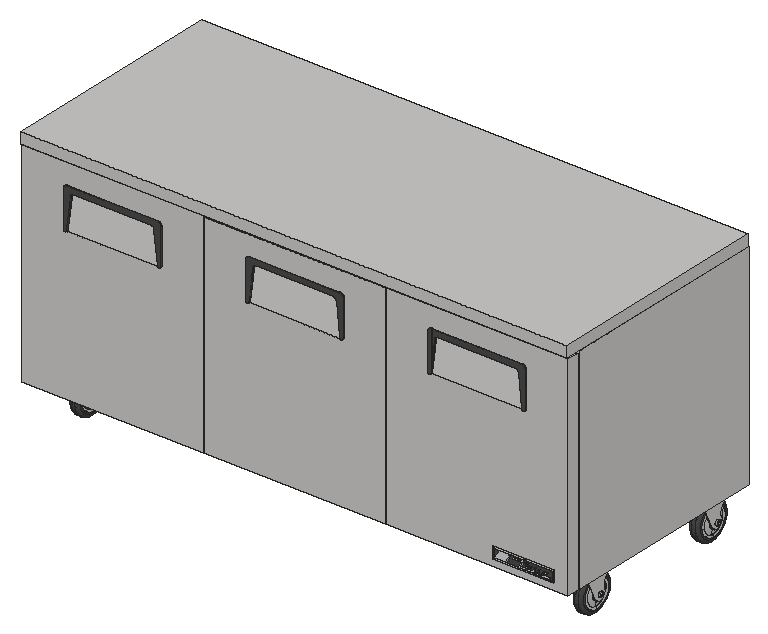
Revit family "QF_TRUE_TUC-72-HC", category Specialty Equipment, Revit 2016
Family settings
  Part Type = Normal
  Round Connector Dimension = Use Diameter
  Work Plane-Based = No
  Always vertical = Yes
  Cut with Voids When Loaded = No
  Shared = Yes
  Room Calculation Point = No
Parameters
  Weight in Pounds = 380
  Watts = FL Amps * Volts  # 460 W
  Volts = 115 V
  URL Manufacturer = "www.truemfg.com"
  URL = "www.truemfg.com"
  Type Mark [instance] = ""
  Status [instance] = ""
  Show Seismic Flanged [instance] = no
  Show Legs [instance] = no
  Seismic Flanged [instance] = and(not(Show Default Model), Show Seismic Flanged)  # no
  Length = 72 5/16"
  Legs [instance] = and(not(Show Default Model), or(Show Legs, Show Seismic Flanged))  # no
  Height = 35 15/16"
  Depth = 30 1/16"
  ADA Compliant Model [instance] = and(not(Show Default Model), Show ADA Compliant Model)  # no
  Specification by User [instance] = ""
  Specification by Manufacturer = ""
  Show Low Profile Model [instance] = no
  Show Logo [instance] = yes
  Show Clearance [instance] = yes
  Show ADA Compliant Model [instance] = no
  Show Default Model [instance] = and(not(Show Seismic Flanged), not(Show ADA Compliant Model), not(Show Low Profile Model), not(Show Legs))  # yes
  Serial Number = ""
  Seismic Rating = ""
  SMACNA No = ""
  Revision Code [instance] = ""
  Phase = 1
  Omniclass Number and Title = ""
  Number of Poles [instance] = 1
  NAFEM Spec ID Number = ""
  Model = "TUC-72-HC"
  Min Ckt Ampacity = 0 A
  Max Overcurrent Protection = 0 A
  MasterSpec. = ""
  Manufacturer = "TRUE"
  Low Profile [instance] = and(not(Show Default Model), Show Low Profile Model)  # no
  Item Number [instance] = ""
  Installed By [instance] = ""
  Identify Quantity as Lot [instance] = yes
  HP = "1/4"
  Furnished By [instance] = ""
  Foodservice Equipment Identifier [instance] = yes
  FL Amps = 4 A
  Electrical Remarks [instance] = ""
  Electric Connection Type [instance] = ""
  Elec Conn RI Height [instance] = 0"
  Elec Conn Connection Height [instance] = 0"
  Description = "SOLID DOOR REFRIGERATOR WITH HYDROCARBON REFRIGERANT"
  Cycle = 60 Hz
  Conn Plug = "NEMA 5-15P"
  Conn Conduit = yes
  CSI MasterFormat = ""
  CSI Master Format = ""
  Base Height [instance] = if(Show Default Model, 6 3/16", if(Legs, 6", if(ADA Compliant Model, 4 1/4", if(Show Low Profile Model, 2 1/8", 6 1/4"))))  # 6 3/16"
  Apparent Power = if(Phase = 3, Volts * FL Amps * 1.73, Volts * FL Amps)  # 460 VA
Reference planes (in)
  plane 1 "BACK": y = -16.5
  plane 2: z = 0
  plane 3 "LEFT": x = 0
  plane 4 "RIGHT": x = 72.3125
  plane 5 "FRONT": y = -47.5625
  plane 6 "TOP": z = 35.9375
  plane 7: z = 6.1875
  plane 8: y = -75.34375
  plane 9: y = -46.0625
  plane 10: y = -17.5
  plane 11: y = -21.74082
  plane 12: x = 36.15625
  plane 13: x = 2.84375
Dimensions and locks (in)
  "Length": plane 3 "LEFT" to plane 4 "RIGHT"
  plane 4 "RIGHT" to plane 3 "LEFT" = 72 5/16"
  plane 5 "FRONT" to plane 1 "BACK" = 31 1/16"  (x2)
  plane 1 "BACK" to plane 8 = 58 27/32"
  locked: plane 9 to plane 5 "FRONT" at 1.5
  "Depth": plane 10 to plane 5 "FRONT"
  "Base Height": plane 7 to level
  locked: plane 6 "TOP" to plane 7 at 29.75
  plane 6 "TOP" to level = 35 15/16"
  equal spacing: plane 3 "LEFT", plane 12, plane 4 "RIGHT"
  aligned and locked: level to plane 2
  aligned and locked: plane 3 "LEFT" to nested 1  (x2)
  aligned and locked: nested 1 to plane 7  (x2)
Nested families (in)
  nested 1: "TUC-72-HC" at (0, -0.9375, 2.1875), Show Logo <- "Show Logo", Show Clearance <- "Show Clearance", type "TUC-72-HC"
    with Show Logo yes, Show Clearance yes
  nested 2: "CASTERS" at (2.84375, -21.74082, 0), Show 6" Casters <- "Show Default Model", type "CASTERS"
    with Type Mark "", Status "", Specification by User "", Show 6" Casters yes, Revision Code "", Item Number "", Installed By "", Identify Quantity as Lot yes, Furnished By "", Foodservice Equipment Identifier yes
  nested 3: "CASTERS" at (2.84375, -41.06531, 0), Show 6" Casters <- "Show Default Model", type "CASTERS"
    with Type Mark "", Status "", Specification by User "", Show 6" Casters yes, Revision Code "", Item Number "", Installed By "", Identify Quantity as Lot yes, Furnished By "", Foodservice Equipment Identifier yes
  nested 4: "CASTERS" at (69.46875, -21.74082, 0), Show 6" Casters <- "Show Default Model", type "CASTERS"
    with Type Mark "", Status "", Specification by User "", Show 6" Casters yes, Revision Code "", Item Number "", Installed By "", Identify Quantity as Lot yes, Furnished By "", Foodservice Equipment Identifier yes
  nested 5: "CASTERS" at (69.46875, -41.06531, 0), Show 6" Casters <- "Show Default Model", type "CASTERS"
    with Type Mark "", Status "", Specification by User "", Show 6" Casters yes, Revision Code "", Item Number "", Installed By "", Identify Quantity as Lot yes, Furnished By "", Foodservice Equipment Identifier yes
  nested 6: "LOW PROFILE CASTERS" at (2.84375, -21.74082, 0), Show Casters <- "Low Profile", type "LOW PROFILE CASTERS"
    with Type Mark "", Status "", Specification by User "", Show Casters no, Revision Code "", Item Number "", Installed By "", Identify Quantity as Lot yes, Furnished By "", Foodservice Equipment Identifier yes
  nested 7: "LOW PROFILE CASTERS" at (69.46875, -21.74082, 0), Show Casters <- "Low Profile", type "LOW PROFILE CASTERS"
    with Type Mark "", Status "", Specification by User "", Show Casters no, Revision Code "", Item Number "", Installed By "", Identify Quantity as Lot yes, Furnished By "", Foodservice Equipment Identifier yes
  nested 8: "LOW PROFILE CASTERS" at (69.46875, -41.06531, 0), Show Casters <- "Low Profile", type "LOW PROFILE CASTERS"
    with Type Mark "", Status "", Specification by User "", Show Casters no, Revision Code "", Item Number "", Installed By "", Identify Quantity as Lot yes, Furnished By "", Foodservice Equipment Identifier yes
  nested 9: "LOW PROFILE CASTERS" at (2.84375, -41.06531, 0), Show Casters <- "Low Profile", type "LOW PROFILE CASTERS"
    with Type Mark "", Status "", Specification by User "", Show Casters no, Revision Code "", Item Number "", Installed By "", Identify Quantity as Lot yes, Furnished By "", Foodservice Equipment Identifier yes
  nested 10: "CASTERS & LEGS" at (2.84375, -21.74082, 0), Seismic Plate <- "Seismic Flanged", Show 4.25" Casters <- "ADA Compliant Model", Legs <- "Legs", type "CASTERS & LEGS"
    with Type Mark "", Status "", Specification by User "", Show 4.25" Casters no, Seismic Plate no, Revision Code "", Legs no, Item Number "", Installed By "", Identify Quantity as Lot yes, Furnished By "", Foodservice Equipment Identifier yes
  nested 11: "CASTERS & LEGS" at (69.46875, -21.74082, 0), Seismic Plate <- "Seismic Flanged", Show 4.25" Casters <- "ADA Compliant Model", Legs <- "Legs", type "CASTERS & LEGS"
    with Type Mark "", Status "", Specification by User "", Show 4.25" Casters no, Seismic Plate no, Revision Code "", Legs no, Item Number "", Installed By "", Identify Quantity as Lot yes, Furnished By "", Foodservice Equipment Identifier yes
  nested 12: "CASTERS & LEGS" at (69.46875, -41.06531, 0), Seismic Plate <- "Seismic Flanged", Show 4.25" Casters <- "ADA Compliant Model", Legs <- "Legs", type "CASTERS & LEGS"
    with Type Mark "", Status "", Specification by User "", Show 4.25" Casters no, Seismic Plate no, Revision Code "", Legs no, Item Number "", Installed By "", Identify Quantity as Lot yes, Furnished By "", Foodservice Equipment Identifier yes
  nested 13: "CASTERS & LEGS" at (2.85404, -41.06531, 0), Seismic Plate <- "Seismic Flanged", Show 4.25" Casters <- "ADA Compliant Model", Legs <- "Legs", type "CASTERS & LEGS"
    with Type Mark "", Status "", Specification by User "", Show 4.25" Casters no, Seismic Plate no, Revision Code "", Legs no, Item Number "", Installed By "", Identify Quantity as Lot yes, Furnished By "", Foodservice Equipment Identifier yes
Connectors (in)
  electrical at (68.81571, -18.4375, 11.9375), driven by "Volts", driven by "Watts"
    settings: on nested 1, index 1, voltage 115 V, apparent load 460 VA, apparent load phase1 0 VA, apparent load phase2 0 VA, apparent load phase3 0 VA, power factor 1, load classification "Other", number of poles 1, system type 30, power factor state 1, is connector primary yes, connector utility no, sub classification motor no, connector description "ELECTRICAL CONNECTION"
Definition of nested family "TUC-72-HC"
  Parameters (values of type "TUC-72-SPEC1")
    URL = ""
    Show Logo [instance] = yes
    Show Clearance [instance] = yes
    Model = ""
    Manufacturer = ""
    Description = ""
    Assembly Code = ""
  Reference planes (in)
    plane 1 "BACK": y = -16.5
    plane 2: z = 0
    plane 3 "LEFT": x = 0
    plane 4 "RIGHT": x = 72.3125
    plane 5 "FRONT": y = -48.125
    plane 6 "TOP": z = 33.75
    plane 7: z = 4
    plane 8: y = -46.625
    plane 9: y = -41.06531
    plane 10: x = 36.15625
    plane 11: y = -17.5
    plane 12: y = -47.5625
    plane 13: y = -16.5625
    plane 14: y = -15.5625
    plane 15: z = 29.38
    plane 16: z = 23.90093
    plane 17: x = 60.26042
    plane 18: z = 29.38
    plane 19: z = 23.90093
    plane 20: z = 29.38
    plane 21: z = 23.90093
  Forms (in)
    Extrusion 1, solid
      sketch origin (0, -1, -2.25) x (0, 1, 0) y (0, 0, 1)
        loop
          line (-45.625, 36) -> (-45.625, 34.5) -> (-15.5625, 34.5) -> (-15.5625, 36) -> (-45.625, 36)
      from 0 to 72.3125
    Extrusion 2, solid
      sketch origin (0, -1, -2.25) x (0, 1, 0) y (0, 0, 1)
        loop
          line (-43.495, 34.5) -> (-43.495, 6.25) -> (-15.5625, 6.25) -> (-15.5625, 34.5) -> (-43.495, 34.5)
      from 0 to 72.3125
    Extrusion 3, solid
      sketch origin (10.5, -13.375, -2.25) x (1, 0, 0) y (0, 0, 1)
        loop
          line (-10.5, 34.28323) -> (-10.5, 6.25) -> (13.57292, 6.25) -> (13.57292, 34.28323) -> (-10.5, 34.28323)
        loop
          line (61.8125, 6.25) -> (61.8125, 34.28323) -> (37.73958, 34.28323) -> (37.73958, 6.25) -> (61.8125, 6.25)
        loop
          line (13.63542, 6.25) -> (37.67708, 6.25) -> (37.67708, 34.28323) -> (13.63542, 34.28323) -> (13.63542, 6.25)
      from 31.44201 to 33
    Extrusion 4, solid
      sketch origin (0, 2.875, -2.25) x (0, 1, 0) y (0, 0, 1)
        loop
          line (-47.69201, 33.8406) -> (-47.69201, 6.82675) -> (-47.37, 6.82675) -> (-47.37, 33.8406) -> (-47.69201, 33.8406)
      from 0.5 to 71.8125
    Extrusion 5, solid
      sketch origin (0, -16.5, -2.25) x (1, 0, 0) y (0, 0, 1)
        loop
          line (10.125, 6.25) -> (10.125, 4.375) -> (22.75, 4.375) -> (22.75, 6.25) -> (10.125, 6.25)
      from 1.69409 to 21.69409
    Extrusion 6, solid
      sketch origin (-1.16554, -17.5, -2.25) x (1, 0, 0) y (0, 0, 1)
        loop
          circle (69.98125, 12) r 0.25
      from 0 to 0.0625
    Revolve 7, solid
      sketch origin (0, -15.578, 21) x (1, 0, 0) y (0, 1, 0)
        loop
          line (66.53953, -0.9845) -> (67.00828, -0.9845) -> (67.00828, 0.0155) -> (66.53953, 0.0155) -> (66.53953, -0.9845)
        axis (66.53953, -0.9845) -> (66.53953, 0.0155)
      angle from 0 to 360
    Revolve 8, solid
      sketch origin (-12.93057, -15.578, 21) x (1, 0, 0) y (0, 1, 0)
        loop
          line (18.64104, -0.9845) -> (19.10979, -0.9845) -> (19.10979, 0.0155) -> (18.64104, 0.0155) -> (18.64104, -0.9845)
        axis (18.64104, -0.9845) -> (18.64104, 0.0155)
      angle from 0 to 360
    Extrusion 9, solid, visible <- "Show Clearance", detail levels coarse
      sketch origin (17.8682, -37.72639, 0) x (-1, 0, 0) y (0, -1, 0)
        loop
          line (-6.20472, 8.64861) -> (17.8682, 8.64861) -> (17.8682, 32.72153)
          arc (17.8682, 32.72153) -> (0.84607, 25.67074) -> (-6.20472, 8.64861) r 24.07292
        loop
          line (-30.30889, 8.64861) -> (-6.26722, 8.64861) -> (-6.26722, 32.69028)
          arc (-6.26722, 32.69028) -> (-23.26725, 25.64864) -> (-30.30889, 8.64861) r 24.04167
        loop
          arc (-30.37139, 8.64861) -> (-37.41303, 25.64864) -> (-54.41305, 32.69028) r 24.04167
          line (-54.41305, 32.69028) -> (-54.41305, 8.64861) -> (-30.37139, 8.64861)
      from 4 to 32.03323
    Extrusion 10, void
      sketch origin (12.03125, -13.78209, 49.75) x (0, -1, 0) y (0, 0, 1)
        loop
          line (32.59291, -20.37) -> (31.52391, -20.37) -> (32.59291, -25.84907) -> (32.59291, -20.37)
      from -6 to 6
    Extrusion 11, solid
      sketch origin (0.03125, -46.375, 1.75) x (1, 0, 0) y (0, 0, 1)
        loop
          line (5.52833, 27.13) -> (5.52833, 22.36054)
          arc (5.52833, 22.36054) -> (5.74774, 22.11831) -> (6.01044, 22.31274) r 0.24342
          line (6.01044, 22.31274) -> (6.44945, 26.42717)
          arc (6.44945, 26.42717) -> (6.61215, 26.74648) -> (6.94671, 26.87491) r 0.5
          line (6.94671, 26.87491) -> (17.05329, 26.87491)
          arc (17.05329, 26.87491) -> (17.38785, 26.74648) -> (17.55055, 26.42717) r 0.5
          line (17.55055, 26.42717) -> (17.98956, 22.31274)
          arc (17.98956, 22.31274) -> (18.25226, 22.11831) -> (18.47166, 22.36054) r 0.24342
          line (18.47166, 22.36054) -> (18.47166, 27.13)
          arc (18.47166, 27.13) -> (18.32522, 27.48356) -> (17.97166, 27.63) r 0.5
          line (17.97166, 27.63) -> (6.02833, 27.63)
          arc (6.02833, 27.63) -> (5.67478, 27.48356) -> (5.52833, 27.13) r 0.5
      from 0 to 0.0625
    Extrusion 12, void
      sketch origin (36.15625, -13.78209, 49.75) x (0, -1, 0) y (0, 0, 1)
        loop
          line (32.59291, -20.37) -> (31.52391, -20.37) -> (32.59291, -25.84907) -> (32.59291, -20.37)
      from -6 to 6
    Extrusion 13, solid
      sketch origin (24.15625, -46.375, 1.75) x (1, 0, 0) y (0, 0, 1)
        loop
          line (5.52833, 27.13) -> (5.52833, 22.36054)
          arc (5.52833, 22.36054) -> (5.74774, 22.11831) -> (6.01044, 22.31274) r 0.24342
          line (6.01044, 22.31274) -> (6.44945, 26.42717)
          arc (6.44945, 26.42717) -> (6.61215, 26.74648) -> (6.94671, 26.87491) r 0.5
          line (6.94671, 26.87491) -> (17.05329, 26.87491)
          arc (17.05329, 26.87491) -> (17.38785, 26.74648) -> (17.55055, 26.42717) r 0.5
          line (17.55055, 26.42717) -> (17.98956, 22.31274)
          arc (17.98956, 22.31274) -> (18.25226, 22.11831) -> (18.47166, 22.36054) r 0.24342
          line (18.47166, 22.36054) -> (18.47166, 27.13)
          arc (18.47166, 27.13) -> (18.32522, 27.48356) -> (17.97166, 27.63) r 0.5
          line (17.97166, 27.63) -> (6.02833, 27.63)
          arc (6.02833, 27.63) -> (5.67478, 27.48356) -> (5.52833, 27.13) r 0.5
      from 0 to 0.0625
    Extrusion 14, void
      sketch origin (60.26042, -13.78209, 49.75) x (0, -1, 0) y (0, 0, 1)
        loop
          line (32.59291, -20.37) -> (31.52391, -20.37) -> (32.59291, -25.84907) -> (32.59291, -20.37)
      from -6 to 6
    Extrusion 15, solid
      sketch origin (48.26042, -46.375, 1.75) x (1, 0, 0) y (0, 0, 1)
        loop
          line (5.52833, 27.13) -> (5.52833, 22.36054)
          arc (5.52833, 22.36054) -> (5.74774, 22.11831) -> (6.01044, 22.31274) r 0.24342
          line (6.01044, 22.31274) -> (6.44945, 26.42717)
          arc (6.44945, 26.42717) -> (6.61215, 26.74648) -> (6.94671, 26.87491) r 0.5
          line (6.94671, 26.87491) -> (17.05329, 26.87491)
          arc (17.05329, 26.87491) -> (17.38785, 26.74648) -> (17.55055, 26.42717) r 0.5
          line (17.55055, 26.42717) -> (17.98956, 22.31274)
          arc (17.98956, 22.31274) -> (18.25226, 22.11831) -> (18.47166, 22.36054) r 0.24342
          line (18.47166, 22.36054) -> (18.47166, 27.13)
          arc (18.47166, 27.13) -> (18.32522, 27.48356) -> (17.97166, 27.63) r 0.5
          line (17.97166, 27.63) -> (6.02833, 27.63)
          arc (6.02833, 27.63) -> (5.67478, 27.48356) -> (5.52833, 27.13) r 0.5
      from 0 to 0.0625
  Cuts and joins
    Extrusion 10, Extrusion 12, Extrusion 14 cuts Extrusion 3
    Extrusion 12, Extrusion 14 cuts Extrusion 9
  Lines and regions (in)
    symbolic lines
      curve 1: line (0, -16.5625, 0) -> (72.3125, -16.5625, 0)
      curve 2: line (72.3125, -46.625, 0) -> (0, -46.625, 0)
      curve 3: line (72.3125, -16.5625, 0) -> (72.3125, -46.625, 0)
      curve 4: line (6.17922, -15.5625, 0) -> (5.24172, -15.5625, 0)
      curve 5: line (6.17922, -15.5625, 0) -> (6.17922, -16.5625, 0)
      curve 6: line (5.24172, -15.5625, 0) -> (5.24172, -16.5625, 0)
      curve 7: line (66.07078, -15.5625, 0) -> (67.00828, -15.5625, 0)
      curve 8: line (66.07078, -15.5625, 0) -> (66.07078, -16.5625, 0)
      curve 9: line (67.00828, -15.5625, 0) -> (67.00828, -16.5625, 0)
      curve 10: line (0, -16.5625, 0) -> (0, -46.625, 0)
    symbolic lines, visible <- "Show Clearance", detail levels coarse
      curve 11: arc (48.24088, -46.625, 0) -> (49.09251, -52.72619, 0) -> (51.46474, -58.41146, 0) r 24.07292
      curve 12: line (51.46474, -58.41146, 0) -> (71.87949, -46.625, 0)
      curve 13: arc (48.17578, -46.625, 0) -> (47.32522, -52.7181, 0) -> (44.95611, -58.39583, 0) r 24.04167
      curve 14: line (44.95611, -58.39583, 0) -> (24.56843, -46.625, 0)
      curve 15: arc (24.07162, -46.625, 0) -> (23.21999, -52.72619, 0) -> (20.84776, -58.41146, 0) r 24.07292
      curve 16: line (20.84776, -58.41146, 0) -> (0.43301, -46.625, 0)
  Dimensions and locks (in)
    plane 3 "LEFT" to plane 4 "RIGHT" = 72 5/16"
    plane 4 "RIGHT" to plane 3 "LEFT" = 72 5/16"
    plane 6 "TOP" to level = 33 3/4"
    plane 5 "FRONT" to plane 1 "BACK" = 31 5/8"  (x2)
    plane 7 to level = 4"
    plane 6 "TOP" to plane 7 = 29 3/4"
    plane 8 to plane 5 "FRONT" = 1 1/2"
    Extrusion 1 to plane 8 = 30 1/16"
    equal spacing: plane 3 "LEFT", plane 10, plane 4 "RIGHT"
    plane 8 to plane 13 = 30 1/16"
    aligned and locked: level to plane 2
    aligned and locked: plane 4 "RIGHT" to Extrusion 1
    aligned and locked: Extrusion 1 to plane 3 "LEFT"
  Automatic sketch dimensions
    curve 15 to plane 3 "LEFT" = 0"
    curve 10 to plane 3 "LEFT" = 0"
    curve 16 to plane 8 = 0"
    curve 4 to plane 14 = 0"
    curve 6 to plane 13 = 0"
    plane 14 to curve 7 = 0"
    curve 2 to plane 4 "RIGHT" = 0"
    curve 11 to plane 4 "RIGHT" = 0"
    plane 3 "LEFT" to curve 4 = 5.24172"
    curve 4 to curve 5 = 15/16"
    plane 10 to curve 16 = 15.30849"
    plane 8 to curve 13 = 1/4"
    plane 10 to curve 13 = 12.02083"
    curve 14 to plane 10 = 8.79986"
    curve 13 to curve 12 = 6.50863"
    plane 17 to curve 7 = 5.81037"
    curve 7 to curve 9 = 15/16"
    plane 5 "FRONT" to curve 14 = 10.27083"
    plane 5 "FRONT" to curve 16 = 10.28646"
    curve 12 to curve 13 = 1/64"
    curve 2 to curve 15 = 1/4"
    curve 2 to curve 11 = 1/4"
    plane 3 "LEFT" to curve 16 = 0.43301"
    curve 15 to curve 14 = 0.49681"
    curve 12 to plane 4 "RIGHT" = 0.43301"
    Extrusion 1 sketch curve to plane 8 = 0"
    Extrusion 1 sketch curve to plane 13 = 0"
    Extrusion 1 sketch curve to plane 6 "TOP" = 0"
    Extrusion 1 sketch curve to Extrusion 1 sketch curve = 1 1/2"
    Extrusion 2 sketch curve to plane 7 = 0"
    Extrusion 2 sketch curve to plane 13 = 0"
    plane 8 to Extrusion 2 sketch curve = 2.13"
    Extrusion 2 sketch curve to plane 6 "TOP" = 1 1/2"
    Extrusion 3 sketch curve to plane 3 "LEFT" = 0"
    Extrusion 3 sketch curve to plane 7 = 0"  (x3)
    Extrusion 3 sketch curve to plane 4 "RIGHT" = 0"
    plane 10 to Extrusion 3 sketch curve = 12.08333"
    Extrusion 3 sketch curve to Extrusion 3 sketch curve = 1/16"  (x2)
    Extrusion 3 sketch curve to plane 10 = 12.02083"
    Extrusion 3 sketch curve to plane 6 "TOP" = 1.71677"  (x2)
    Extrusion 3 sketch curve to Extrusion 3 sketch curve = 0"
    plane 7 to Extrusion 4 sketch curve = 0.57675"
    plane 8 to Extrusion 4 sketch curve = 1.80799"
    Extrusion 4 sketch curve to Extrusion 4 sketch curve = 0.32201"
    Extrusion 4 sketch curve to plane 6 "TOP" = 2.1594"
    Extrusion 5 sketch curve to plane 7 = 0"
    Extrusion 5 sketch curve to plane 7 = 1 7/8"
    plane 3 "LEFT" to Extrusion 5 sketch curve = 10 1/8"
    Extrusion 5 sketch curve to Extrusion 5 sketch curve = 12 5/8"
    Extrusion 6 sketch curve to plane 4 "RIGHT" = 3.49679"
    plane 7 to Extrusion 6 sketch curve = 5 3/4"
    plane 13 to Revolve 7 sketch curve = 0"
    plane 14 to Revolve 7 sketch curve = 0"  (x2)
    Revolve 7 sketch curve to plane 4 "RIGHT" = 5.77297"
    Revolve 7 sketch curve to Revolve 7 sketch curve = 15/32"
    Revolve 7 sketch curve to Revolve 7 sketch curve = 0"
    Revolve 7 sketch curve to Revolve 7 sketch curve = 1/4"
    Revolve 8 sketch curve to plane 13 = 0"
    Revolve 8 sketch curve to plane 14 = 0"
    plane 3 "LEFT" to Revolve 8 sketch curve = 5.71047"
    Revolve 8 sketch curve to Revolve 8 sketch curve = 15/32"
    Revolve 8 sketch curve to Revolve 8 sketch curve = 0"
    Revolve 8 sketch curve to plane 14 = 0.0155"
    Revolve 8 sketch curve to Revolve 8 sketch curve = 0.2345"
    Extrusion 9 sketch curve to plane 3 "LEFT" = 0"
    plane 8 to Extrusion 9 sketch curve = 1/4"  (x3)
    plane 10 to Extrusion 9 sketch curve = 12.08333"
    Extrusion 9 sketch curve to Extrusion 9 sketch curve = 1/16"  (x2)
    Extrusion 9 sketch curve to plane 10 = 12.02083"
    Extrusion 9 sketch curve to plane 4 "RIGHT" = 1/32"
    Extrusion 10 sketch curve to plane 15 = 0"
    Extrusion 10 sketch curve to plane 16 = 0"
    plane 8 to Extrusion 10 sketch curve = 1.319"
    plane 8 to Extrusion 10 sketch curve = 1/4"
    plane 3 "LEFT" to Extrusion 11 sketch curve = 5.55958"
    Extrusion 11 sketch curve to Extrusion 11 sketch curve = 0.24342"  (x2)
    Extrusion 11 sketch curve to Extrusion 11 sketch curve = 0.23868"  (x2)
    Extrusion 11 sketch curve to Extrusion 11 sketch curve = 1/2"  (x2)
    Extrusion 11 sketch curve to Extrusion 11 sketch curve = 0.42112"
    Extrusion 11 sketch curve to Extrusion 11 sketch curve = 0.49726"  (x2)
    Extrusion 11 sketch curve to plane 6 "TOP" = 5.12509"
    Extrusion 11 sketch curve to Extrusion 11 sketch curve = 10.10658"
    Extrusion 11 sketch curve to plane 6 "TOP" = 5.57283"
    Extrusion 11 sketch curve to Extrusion 11 sketch curve = 0.91838"
    Extrusion 11 sketch curve to Extrusion 11 sketch curve = 0.43901"
    Extrusion 11 sketch curve to Extrusion 11 sketch curve = 4.51437"
    Extrusion 11 sketch curve to Extrusion 11 sketch curve = 4.06664"
    Extrusion 11 sketch curve to Extrusion 11 sketch curve = 0.70283"
    Extrusion 12 sketch curve to plane 18 = 0"
    Extrusion 12 sketch curve to plane 19 = 0"
    plane 8 to Extrusion 12 sketch curve = 1.319"
    plane 8 to Extrusion 12 sketch curve = 1/4"
    plane 10 to Extrusion 13 sketch curve = 6.47167"
    Extrusion 13 sketch curve to Extrusion 13 sketch curve = 0.24342"  (x2)
    Extrusion 13 sketch curve to Extrusion 13 sketch curve = 0.23868"  (x2)
    Extrusion 13 sketch curve to Extrusion 13 sketch curve = 1/2"
    Extrusion 13 sketch curve to Extrusion 13 sketch curve = 0.42112"
    Extrusion 13 sketch curve to Extrusion 13 sketch curve = 0.49726"  (x2)
    Extrusion 13 sketch curve to plane 10 = 5.05329"
    Extrusion 13 sketch curve to Extrusion 13 sketch curve = 0.91838"
    Extrusion 13 sketch curve to Extrusion 13 sketch curve = 0.43901"
    Extrusion 13 sketch curve to plane 6 "TOP" = 9.68726"  (x2)
    Extrusion 13 sketch curve to Extrusion 13 sketch curve = 4.06217"  (x2)
    Extrusion 13 sketch curve to Extrusion 13 sketch curve = 0.05226"
    Extrusion 13 sketch curve to Extrusion 13 sketch curve = 0.70283"
    Extrusion 14 sketch curve to plane 20 = 0"
    Extrusion 14 sketch curve to plane 21 = 0"
    plane 8 to Extrusion 14 sketch curve = 1.319"
    plane 8 to Extrusion 14 sketch curve = 1/4"
    Extrusion 15 sketch curve to plane 17 = 6.47167"
    Extrusion 15 sketch curve to Extrusion 15 sketch curve = 0.24342"  (x2)
    Extrusion 15 sketch curve to Extrusion 15 sketch curve = 0.23868"  (x2)
    Extrusion 15 sketch curve to Extrusion 15 sketch curve = 1/2"
    Extrusion 15 sketch curve to Extrusion 15 sketch curve = 0.42112"
    Extrusion 15 sketch curve to Extrusion 15 sketch curve = 0.49726"  (x2)
    plane 17 to Extrusion 15 sketch curve = 5.05329"
    Extrusion 15 sketch curve to Extrusion 15 sketch curve = 0.91838"
    Extrusion 15 sketch curve to Extrusion 15 sketch curve = 0.43901"
    Extrusion 15 sketch curve to plane 6 "TOP" = 9.68726"  (x2)
    Extrusion 15 sketch curve to Extrusion 15 sketch curve = 4.06217"  (x2)
    Extrusion 15 sketch curve to Extrusion 15 sketch curve = 0.05226"
    Extrusion 15 sketch curve to Extrusion 15 sketch curve = 0.70283"
    radius of Extrusion 6 sketch curve = 1/4"
  Nested families (in)
    nested 1: "QF_LOGO_TRUE" at (62.37917, -46.375, 4.88412), Show Logo <- "Show Logo", type "QF_LOGO_TRUE", detail levels medium+fine
      with Show Logo yes
  Definition of nested family "QF_LOGO_TRUE"
    Parameters (values of type "QF_LOGO_TRUE")
      Show Logo [instance] = yes
    Reference planes (in)
      plane 1 "Center (Front/Back)": y = 0
      plane 2: z = 0
      plane 3 "Center (Left/Right)": x = 0
    Forms (in)
      Extrusion 1, solid, visible <- "Show Logo"
        sketch origin (-78.34647, 34.76905, -30.51001) x (1, 0, 0) y (0, 0, 1)
          loop
            line (81.15226, 31.65456) -> (81.07353, 31.48573) -> (82.12083, 31.48573)
            arc (82.12083, 31.48573) -> (82.14208, 31.44814) -> (82.12083, 31.41055) r 0.04386
            line (82.12083, 31.41055) -> (81.84767, 30.82478)
            arc (81.84767, 30.82478) -> (81.84531, 30.77052) -> (81.882, 30.73048) r 0.07096
            line (81.882, 30.73048) -> (82.55165, 30.73048)
            arc (82.55165, 30.73048) -> (82.63621, 30.75714) -> (82.69019, 30.82748) r 0.14742
            line (82.69019, 30.82748) -> (82.90515, 31.28847) -> (83.10265, 31.28847)
            arc (83.10265, 31.28847) -> (83.15447, 31.26942) -> (83.14697, 31.21472) r 0.04405
            line (83.14697, 31.21472) -> (82.9671, 30.82899)
            arc (82.9671, 30.82899) -> (82.9699, 30.76493) -> (83.02398, 30.73048) r 0.06943
            line (83.02398, 30.73048) -> (83.6124, 30.73048)
            arc (83.6124, 30.73048) -> (83.65748, 30.74689) -> (83.68147, 30.78844) r 0.07014
            arc (83.68147, 30.78844) -> (83.69845, 30.74745) -> (83.73943, 30.73048) r 0.05796
            line (83.73943, 30.73048) -> (84.112, 30.73048)
            arc (84.112, 30.73048) -> (84.15504, 30.74201) -> (84.18655, 30.77352) r 0.08608
            arc (84.18655, 30.77352) -> (84.20164, 30.7371) -> (84.23806, 30.72202) r 0.0515
            line (84.23806, 30.72202) -> (84.76757, 30.72202)
            arc (84.76757, 30.72202) -> (84.81086, 30.73995) -> (84.8288, 30.78324) r 0.06122
            arc (84.8288, 30.78324) -> (84.86848, 30.74355) -> (84.92269, 30.72903) r 0.10842
            line (84.92269, 30.72903) -> (85.91461, 30.72903) -> (86.02479, 30.91987) -> (85.0243, 30.91987)
            arc (85.0243, 30.91987) -> (84.99669, 30.93902) -> (84.99566, 30.97261) r 0.03732
            line (84.99566, 30.97261) -> (85.01297, 31.00972)
            arc (85.01297, 31.00972) -> (85.03954, 31.04453) -> (85.0813, 31.05774) r 0.07263
            line (85.0813, 31.05774) -> (85.40289, 31.05774)
            arc (85.40289, 31.05774) -> (85.4723, 31.07633) -> (85.52311, 31.12715) r 0.13882
            line (85.52311, 31.12715) -> (85.61625, 31.28847)
            arc (85.61625, 31.28847) -> (85.61625, 31.37458) -> (85.54168, 31.41763) r 0.08611
            line (85.54168, 31.41763) -> (85.20227, 31.41763)
            arc (85.20227, 31.41763) -> (85.11574, 31.40294) -> (85.05538, 31.33923) r 0.13863
            line (85.05538, 31.33923) -> (84.89409, 30.99333)
            arc (84.89409, 30.99333) -> (84.84649, 30.9313) -> (84.77191, 30.90778) r 0.13002
            line (84.77191, 30.90778) -> (84.41984, 30.90778)
            arc (84.41984, 30.90778) -> (84.3777, 30.95378) -> (84.38042, 31.0161) r 0.08151
            line (84.38042, 31.0161) -> (84.56766, 31.41763) -> (84.44849, 31.41763) -> (84.25012, 30.99222)
            arc (84.25012, 30.99222) -> (84.21158, 30.94199) -> (84.15119, 30.92296) r 0.10527
            line (84.15119, 30.92296) -> (83.90842, 30.92296)
            arc (83.90842, 30.92296) -> (83.8674, 30.97642) -> (83.87619, 31.04323) r 0.08805
            line (83.87619, 31.04323) -> (84.05078, 31.41763) -> (83.92772, 31.41763) -> (83.72676, 30.98668)
            arc (83.72676, 30.98668) -> (83.68011, 30.94003) -> (83.61639, 30.92296) r 0.12745
            line (83.61639, 30.92296) -> (83.26484, 30.92296)
            arc (83.26484, 30.92296) -> (83.2017, 30.9524) -> (83.19563, 31.0218) r 0.06967
            line (83.19563, 31.0218) -> (83.31118, 31.26961) -> (83.47452, 31.26961)
            arc (83.47452, 31.26961) -> (83.50209, 31.35268) -> (83.56075, 31.41763) r 0.21289
            line (83.56075, 31.41763) -> (82.92244, 31.41763)
            arc (82.92244, 31.41763) -> (82.85151, 31.40191) -> (82.80242, 31.34834) r 0.12081
            line (82.80242, 31.34834) -> (82.6294, 30.9773)
            arc (82.6294, 30.9773) -> (82.58962, 30.93752) -> (82.53528, 30.92296) r 0.10869
            line (82.53528, 30.92296) -> (82.1542, 30.92296)
            arc (82.1542, 30.92296) -> (82.12446, 30.96315) -> (82.13012, 31.01283) r 0.06822
            line (82.13012, 31.01283) -> (82.38156, 31.48573) -> (83.01596, 31.48573) -> (83.09469, 31.65456) -> (82.46029, 31.65456) -> (82.53902, 31.8234) -> (82.31334, 31.8234) -> (82.23461, 31.65456) -> (81.15226, 31.65456)
          loop
            arc (85.15937, 31.26434) -> (85.13191, 31.25698) -> (85.1118, 31.23688) r 0.05494
            line (85.1118, 31.23688) -> (85.09547, 31.18665)
            arc (85.09547, 31.18665) -> (85.10304, 31.16837) -> (85.12133, 31.16079) r 0.02586
            line (85.12133, 31.16079) -> (85.39889, 31.16079)
            arc (85.39889, 31.16079) -> (85.41888, 31.16523) -> (85.43513, 31.1777) r 0.04731
            line (85.43513, 31.1777) -> (85.44863, 31.2402)
            arc (85.44863, 31.2402) -> (85.44466, 31.25693) -> (85.42914, 31.26434) r 0.01994
            line (85.42914, 31.26434) -> (85.15937, 31.26434)
          loop
            line (78.62961, 30.74125) -> (80.12032, 30.74125) -> (80.73891, 31.81268) -> (79.2482, 31.81268) -> (78.62961, 30.74125)
        from 34.76797 to 34.83173
      Extrusion 2, solid, visible <- "Show Logo"
        sketch origin (-142.84857, 34.75108, -33.3546) x (1, 0, 0) y (0, 0, 1)
          loop
            line (150.81107, 34.71978) -> (142.98607, 34.71978) -> (142.98607, 33.4921) -> (150.81107, 33.4921) -> (150.81107, 34.71978)
        from 34.75108 to 34.78125
      Extrusion 3, solid, visible <- "Show Logo"
        sketch origin (-142.84857, 34.75108, -33.3546) x (1, 0, 0) y (0, 0, 1)
          loop
            line (150.94857, 34.85727) -> (142.84857, 34.85727) -> (142.84857, 33.3546) -> (150.94857, 33.3546) -> (150.94857, 34.85727)
          loop
            line (142.98607, 34.71978) -> (142.98607, 33.4921) -> (150.81107, 33.4921) -> (150.81107, 34.71978) -> (142.98607, 34.71978)
        from 34.75108 to 34.81376
      Extrusion 4, solid, not visible
        sketch origin (121.45701, -16.5, 4.98235) x (1, 0, 0) y (0, 0, 1)
          loop
            line (25.20115, 35.89949) -> (25.20115, 33.96647) -> (30.95381, 33.96647) -> (30.95381, 35.89949) -> (25.20115, 35.89949)
        from 31.5 to 31.54261
      Extrusion 5, solid, not visible
        sketch origin (121.45701, -16.5, 4.98235) x (1, 0, 0) y (0, 0, 1)
          loop
            line (26.7387, 34.95472) -> (26.61492, 34.49276) -> (27.038, 34.49276)
            arc (27.038, 34.49276) -> (27.13117, 34.52484) -> (27.18485, 34.60749) r 0.15134
            arc (27.18485, 34.60749) -> (27.20396, 34.68138) -> (27.22435, 34.75493) r 4.37326
            arc (27.22435, 34.75493) -> (27.23458, 34.81765) -> (27.22435, 34.88037) r 0.1974
            arc (27.22435, 34.88037) -> (27.18247, 34.93579) -> (27.11563, 34.95472) r 0.10914
            line (27.11563, 34.95472) -> (26.7387, 34.95472)
          loop
            line (26.90201, 34.80638) -> (26.84645, 34.59903) -> (26.92855, 34.59903)
            arc (26.92855, 34.59903) -> (26.98205, 34.6185) -> (27.01051, 34.6678) r 0.08322
            line (27.01051, 34.6678) -> (27.02399, 34.74424)
            arc (27.02399, 34.74424) -> (27.01491, 34.78454) -> (26.97985, 34.80638) r 0.05353
            line (26.97985, 34.80638) -> (26.90201, 34.80638)
          loop
            line (27.45336, 34.66131) -> (27.76233, 34.66131) -> (27.78859, 34.73909)
            arc (27.78859, 34.73909) -> (27.7878, 34.82039) -> (27.73107, 34.87864) r 0.10925
            arc (27.73107, 34.87864) -> (27.68233, 34.8944) -> (27.63139, 34.89974) r 0.24595
            line (27.63139, 34.89974) -> (27.46708, 34.89974)
            arc (27.46708, 34.89974) -> (27.4068, 34.88073) -> (27.3535, 34.84677) r 0.2421
            arc (27.3535, 34.84677) -> (27.2897, 34.76363) -> (27.26702, 34.66131) r 0.2421
            line (27.26702, 34.66131) -> (27.26702, 34.54477)
            arc (27.26702, 34.54477) -> (27.31618, 34.4956) -> (27.38334, 34.47761) r 0.13431
            line (27.38334, 34.47761) -> (27.59054, 34.47761)
            arc (27.59054, 34.47761) -> (27.63459, 34.48281) -> (27.67622, 34.49812) r 0.18924
            line (27.67622, 34.49812) -> (27.73102, 34.61563)
            arc (27.73102, 34.61563) -> (27.68453, 34.59565) -> (27.63566, 34.58252) r 0.35376
            arc (27.63566, 34.58252) -> (27.55885, 34.56956) -> (27.48204, 34.58252) r 0.23415
            arc (27.48204, 34.58252) -> (27.44492, 34.61362) -> (27.45336, 34.66131) r 0.04838
          loop
            line (27.4842, 34.73042) -> (27.62012, 34.73042) -> (27.62621, 34.76496)
            arc (27.62621, 34.76496) -> (27.58961, 34.80242) -> (27.53739, 34.80638) r 0.0742
            arc (27.53739, 34.80638) -> (27.49747, 34.77773) -> (27.4842, 34.73042) r 0.0742
          loop
            line (27.91616, 34.97572) -> (27.78675, 34.49276) -> (27.98645, 34.49276) -> (28.11586, 34.97572) -> (27.91616, 34.97572)
          loop
            line (28.13678, 34.66131) -> (28.08755, 34.47761) -> (28.27134, 34.47761) -> (28.32056, 34.66131) -> (28.43674, 34.66131) -> (28.47974, 34.78864) -> (28.36519, 34.78864)
            arc (28.36519, 34.78864) -> (28.35733, 34.81649) -> (28.36921, 34.84288) r 0.04231
            arc (28.36921, 34.84288) -> (28.431, 34.8652) -> (28.49617, 34.85686) r 0.13988
            line (28.49617, 34.85686) -> (28.53544, 34.97317)
            arc (28.53544, 34.97317) -> (28.39725, 34.99096) -> (28.25905, 34.97317) r 0.54546
            arc (28.25905, 34.97317) -> (28.20849, 34.91994) -> (28.18197, 34.85147) r 0.1894
            line (28.18197, 34.85147) -> (28.17089, 34.78864) -> (28.11397, 34.78864) -> (28.07985, 34.66131) -> (28.13678, 34.66131)
          loop
            arc (28.74846, 34.89756) -> (28.65884, 34.88533) -> (28.56922, 34.89756) r 0.33455
            line (28.56922, 34.89756) -> (28.45669, 34.47761) -> (28.63593, 34.47761) -> (28.74846, 34.89756)
          loop
            arc (28.60398, 35.01195) -> (28.57699, 34.97173) -> (28.60398, 34.9315) r 0.04347
            line (28.60398, 34.9315) -> (28.75755, 34.9315)
            arc (28.75755, 34.9315) -> (28.78645, 34.96687) -> (28.77911, 35.01195) r 0.0556
            line (28.77911, 35.01195) -> (28.60398, 35.01195)
          loop
            line (28.95336, 34.66131) -> (29.26233, 34.66131) -> (29.28859, 34.73909)
            arc (29.28859, 34.73909) -> (29.2878, 34.82039) -> (29.23107, 34.87864) r 0.10925
            arc (29.23107, 34.87864) -> (29.18233, 34.8944) -> (29.13139, 34.89974) r 0.24595
            line (29.13139, 34.89974) -> (28.96708, 34.89974)
            arc (28.96708, 34.89974) -> (28.9068, 34.88073) -> (28.8535, 34.84677) r 0.2421
            arc (28.8535, 34.84677) -> (28.7897, 34.76363) -> (28.76702, 34.66131) r 0.2421
            line (28.76702, 34.66131) -> (28.76702, 34.54477)
            arc (28.76702, 34.54477) -> (28.81618, 34.4956) -> (28.88334, 34.47761) r 0.13431
            line (28.88334, 34.47761) -> (29.09054, 34.47761)
            arc (29.09054, 34.47761) -> (29.13459, 34.48281) -> (29.17622, 34.49812) r 0.18924
            line (29.17622, 34.49812) -> (29.23102, 34.61563)
            arc (29.23102, 34.61563) -> (29.18453, 34.59565) -> (29.13566, 34.58252) r 0.35376
            arc (29.13566, 34.58252) -> (29.05885, 34.56956) -> (28.98204, 34.58252) r 0.23415
            arc (28.98204, 34.58252) -> (28.94492, 34.61362) -> (28.95336, 34.66131) r 0.04838
          loop
            line (28.9842, 34.73042) -> (29.12012, 34.73042) -> (29.12621, 34.76496)
            arc (29.12621, 34.76496) -> (29.08961, 34.80242) -> (29.03739, 34.80638) r 0.0742
            arc (29.03739, 34.80638) -> (28.99747, 34.77773) -> (28.9842, 34.73042) r 0.0742
          loop
            line (29.41616, 34.97572) -> (29.28675, 34.49276) -> (29.48645, 34.49276) -> (29.61586, 34.97572) -> (29.41616, 34.97572)
          loop
            line (29.99836, 34.97572) -> (29.95192, 34.80242)
            arc (29.95192, 34.80242) -> (29.94473, 34.85705) -> (29.90102, 34.89059) r 0.07199
            arc (29.90102, 34.89059) -> (29.80023, 34.89941) -> (29.70251, 34.87322) r 0.29131
            arc (29.70251, 34.87322) -> (29.61806, 34.7652) -> (29.5896, 34.63108) r 0.30433
            line (29.5896, 34.63108) -> (29.5896, 34.55572)
            arc (29.5896, 34.55572) -> (29.61075, 34.50463) -> (29.66184, 34.48348) r 0.07224
            line (29.66184, 34.48348) -> (29.78537, 34.48348)
            arc (29.78537, 34.48348) -> (29.83854, 34.51313) -> (29.88504, 34.55243) r 0.31609
            line (29.88504, 34.55243) -> (29.86905, 34.49276) -> (30.05973, 34.49276) -> (30.18914, 34.97572) -> (29.99836, 34.97572)
          loop
            arc (29.84537, 34.75931) -> (29.79424, 34.71128) -> (29.77745, 34.64317) r 0.12371
            arc (29.77745, 34.64317) -> (29.80071, 34.59901) -> (29.85056, 34.59647) r 0.05045
            arc (29.85056, 34.59647) -> (29.90141, 34.64047) -> (29.92536, 34.7033) r 0.13769
            arc (29.92536, 34.7033) -> (29.90211, 34.75521) -> (29.84537, 34.75931) r 0.05543
          loop
            line (26.45047, 35.26762) -> (26.58211, 35.26762)
            arc (26.58211, 35.26762) -> (26.60467, 35.30821) -> (26.62126, 35.35157) r 0.3277
            arc (26.62126, 35.35157) -> (26.62714, 35.39992) -> (26.60877, 35.44503) r 0.09693
            arc (26.60877, 35.44503) -> (26.56454, 35.48868) -> (26.50462, 35.50516) r 0.12312
            arc (26.50462, 35.50516) -> (26.44158, 35.50565) -> (26.37854, 35.50546) r 5.76967
            arc (26.37854, 35.50546) -> (26.07462, 35.42923) -> (25.81045, 35.26076) r 0.97743
            line (25.81045, 35.26076) -> (25.85921, 35.26076)
            arc (25.85921, 35.26076) -> (26.08494, 35.39361) -> (26.3396, 35.45485) r 0.88817
            arc (26.3396, 35.45485) -> (26.41429, 35.44188) -> (26.47267, 35.39352) r 0.14748
            arc (26.47267, 35.39352) -> (26.48041, 35.32725) -> (26.45047, 35.26762) r 0.11636
          loop
            arc (26.35412, 35.17841) -> (26.19578, 35.0555) -> (26.00982, 34.98069) r 0.72453
            arc (26.00982, 34.98069) -> (25.9036, 34.95581) -> (25.79459, 34.9604) r 0.40201
            arc (25.79459, 34.9604) -> (25.7275, 34.98819) -> (25.69972, 35.05528) r 0.09488
            arc (25.69972, 35.05528) -> (25.71867, 35.12629) -> (25.77049, 35.17841) r 0.1425
            line (25.77049, 35.17841) -> (25.73665, 35.18748)
            arc (25.73665, 35.18748) -> (25.67632, 35.09876) -> (25.66924, 34.99171) r 0.20432
            arc (25.66924, 34.99171) -> (25.71443, 34.9227) -> (25.79473, 34.90384) r 0.11116
            arc (25.79473, 34.90384) -> (25.91172, 34.89904) -> (26.02716, 34.91862) r 0.56145
            arc (26.02716, 34.91862) -> (26.27675, 35.021) -> (26.49584, 35.17841) r 1.15683
            line (26.49584, 35.17841) -> (26.35412, 35.17841)
        from 31.54261 to 31.56272
    Dimensions and locks (in)
      aligned and locked: level to plane 2
      aligned and locked: Extrusion 2 to Extrusion 3  (x2)
      aligned and locked: Extrusion 2 sketch curve to Extrusion 3
Definition of nested family "CASTERS"
  Parameters
    Weight = ""
    URL Manufacturer = ""
    URL Cutsheet = ""
    URL = ""
    Type Mark [instance] = ""
    Status [instance] = ""
    Specification by User [instance] = ""
    Specification by Manufacturer = ""
    Show 6" Casters [instance] = yes
    Serial Number = ""
    Seismic Rating = ""
    SMACNA No = ""
    Revision Code [instance] = ""
    Omniclass Number and Title = ""
    NAFEM Spec ID Number = ""
    Model = ""
    MasterSpec. = ""
    Manufacturer = ""
    Item Number [instance] = ""
    Installed By [instance] = ""
    Identify Quantity as Lot [instance] = yes
    Furnished By [instance] = ""
    Foodservice Equipment Identifier [instance] = yes
    Description = ""
    CSI MasterFormat = ""
    CSI Master Format = ""
    Assembly Code = ""
  Reference planes (in)
    plane 1: z = 0
    plane 2 "RIGHT": x = 0
    plane 3 "FRONT": y = 0
    plane 4 "TOP": z = 6.25
  Forms (in)
    Revolve 1, solid, visible <- "Show 6" Casters"
      sketch origin (0, 2.21793, 0.25) x (0, 1, 0) y (0, 0, 1)
        loop
          line (-2.21793, 6) -> (-2.21793, 5.55584) -> (-0.93693, 5.55584) -> (-0.93693, 6) -> (-2.21793, 6)
        axis (-2.21793, 5.55584) -> (-2.21793, 6)
      angle from 0 to 360
    Extrusion 2, solid, visible <- "Show 6" Casters"
      sketch origin (-1.81294, 2.21793, 0) x (0, 1, 0) y (0, 0, 1)
        loop
          line (-3.37793, 5.80584) -> (-3.37793, 5.25584) -> (-3.23369, 5.25584)
          arc (-3.23369, 5.25584) -> (-3.1238, 5.20977) -> (-3.03725, 5.12786) r 0.33195
          line (-3.03725, 5.12786) -> (-1.55521, 1.94961)
          arc (-1.55521, 1.94961) -> (-0.54268, 1.81523) -> (-0.22336, 2.78544) r 0.8
          arc (-0.22336, 2.78544) -> (-0.27816, 2.89808) -> (-0.34988, 3.00079) r 0.8
          arc (-0.34988, 3.00079) -> (-0.37005, 3.3613) -> (-0.26088, 3.70547) r 1
          line (-0.26088, 3.70547) -> (0.31507, 4.78867)
          arc (0.31507, 4.78867) -> (-0.09241, 4.97284) -> (-0.5252, 5.08531) r 2.63
          line (-0.5252, 5.08531) -> (-0.54193, 5.25584) -> (-1.05793, 5.25584) -> (-1.05793, 5.80584) -> (-3.37793, 5.80584)
      from 0.78968 to 0.90247
    Extrusion 3, solid, visible <- "Show 6" Casters"
      sketch origin (0.13094, 2.21793, 0) x (0, 1, 0) y (0, 0, 1)
        loop
          line (-3.37793, 5.80584) -> (-3.37793, 5.25584) -> (-3.23369, 5.25584)
          arc (-3.23369, 5.25584) -> (-3.1238, 5.20977) -> (-3.03725, 5.12786) r 0.33195
          line (-3.03725, 5.12786) -> (-1.55521, 1.94961)
          arc (-1.55521, 1.94961) -> (-0.54268, 1.81523) -> (-0.22336, 2.78544) r 0.8
          arc (-0.22336, 2.78544) -> (-0.27816, 2.89808) -> (-0.34988, 3.00079) r 0.8
          arc (-0.34988, 3.00079) -> (-0.37005, 3.3613) -> (-0.26088, 3.70547) r 1
          line (-0.26088, 3.70547) -> (0.31507, 4.78867)
          arc (0.31507, 4.78867) -> (-0.09241, 4.97284) -> (-0.5252, 5.08531) r 2.63
          line (-0.5252, 5.08531) -> (-0.54193, 5.25584) -> (-1.05793, 5.25584) -> (-1.05793, 5.80584) -> (-3.37793, 5.80584)
      from 0.78968 to 0.90247
    Extrusion 4, solid, visible <- "Show 6" Casters"
      sketch origin (-1.93794, 2.21793, 0) x (0, 1, 0) y (0, 0, 1)
        loop
          line (-3.37793, 5.80584) -> (-3.37793, 5.25584) -> (-3.23369, 5.25584) -> (-0.7432, 5.03796) -> (0.2811, 4.72479) -> (0.31507, 4.78867)
          arc (0.31507, 4.78867) -> (-0.09241, 4.97284) -> (-0.5252, 5.08531) r 2.63
          line (-0.5252, 5.08531) -> (-0.54193, 5.25584) -> (-1.05793, 5.25584) -> (-1.05793, 5.80584) -> (-3.37793, 5.80584)
      from 1.02747 to 2.85669
    Revolve 5, solid, visible <- "Show 6" Casters"
      sketch origin (-1.93794, 1.21343, 0) x (1, 0, 0) y (0, 0, 1)
        loop
          line (0.5843, 2.5) -> (3.2907, 2.5) -> (3.2907, 2.6421) -> (3.2407, 2.6921) -> (3.1807, 2.6921) -> (3.1807, 2.8278) -> (2.7025, 2.8278) -> (2.7025, 3.22009) -> (2.5625, 3.30092) -> (2.42914, 4.125) -> (2.59375, 4.125) -> (2.59375, 4.375) -> (2.5625, 4.375) -> (2.5625, 4.625)
          arc (2.5625, 4.625) -> (2.45267, 4.89017) -> (2.1875, 5) r 0.375
          line (2.1875, 5) -> (1.6875, 5)
          arc (1.6875, 5) -> (1.42233, 4.89017) -> (1.3125, 4.625) r 0.375
          line (1.3125, 4.625) -> (1.3125, 4.375) -> (1.28125, 4.375) -> (1.28125, 4.125) -> (1.44586, 4.125) -> (1.31307, 3.30443) -> (1.1725, 3.22327) -> (1.1725, 2.8278) -> (0.6943, 2.8278) -> (0.6943, 2.6921) -> (0.6343, 2.6921) -> (0.5843, 2.6421) -> (0.5843, 2.5)
        axis (0.5843, 2.5) -> (3.2907, 2.5)
      angle from 0 to 360
  Cuts and joins
    joined: Extrusion 2, Extrusion 3, Extrusion 4
  Lines and regions (in)
    symbolic lines, visible <- "Show 6" Casters"
      curve 1: line (0.70901, 2.6399, 0) -> (1.79507, 2.01286, 0)
      curve 2: line (-1.79099, -1.69023, 0) -> (0.70901, 2.6399, 0)
      curve 3: line (-0.70493, -2.31727, 0) -> (-1.79099, -1.69023, 0)
      curve 4: line (1.79507, 2.01286, 0) -> (-0.70493, -2.31727, 0)
  Dimensions and locks (in)
    plane 4 "TOP" to level = 6 1/4"  (x2)
    aligned and locked: level to plane 1
Definition of nested family "LOW PROFILE CASTERS"
  Parameters
    Weight = ""
    URL Manufacturer = ""
    URL Cutsheet = ""
    URL = ""
    Type Mark [instance] = ""
    Status [instance] = ""
    Specification by User [instance] = ""
    Specification by Manufacturer = ""
    Show Casters [instance] = yes
    Serial Number = ""
    Seismic Rating = ""
    SMACNA No = ""
    Revision Code [instance] = ""
    Omniclass Number and Title = ""
    NAFEM Spec ID Number = ""
    Model = ""
    MasterSpec. = ""
    Manufacturer = ""
    Item Number [instance] = ""
    Installed By [instance] = ""
    Identify Quantity as Lot [instance] = yes
    Furnished By [instance] = ""
    Foodservice Equipment Identifier [instance] = yes
    Description = ""
    CSI MasterFormat = ""
    CSI Master Format = ""
  Reference planes (in)
    plane 1 "BACK": y = 0
    plane 2: z = 0
    plane 3 "LEFT": x = 0
    plane 4 "RIGHT": x = 48
    plane 5 "FRONT": y = -48
    plane 6 "TOP": z = 2.125
    plane 7: z = 0.98438
  Forms (in)
    Revolve 1, solid, visible <- "Show Casters"
      sketch origin (-1.93794, 0.71343, -1.5) x (1, 0, 0) y (0, 0, 1)
        loop
          line (1.17906, 2.17969) -> (1.17906, 2.05469) -> (1.44663, 2.05469) -> (1.44663, 1.63356)
          arc (1.44663, 1.63356) -> (1.48575, 1.53912) -> (1.58019, 1.5) r 0.13356
          line (1.58019, 1.5) -> (1.76381, 1.5)
          arc (1.76381, 1.5) -> (1.85825, 1.53912) -> (1.89737, 1.63356) r 0.13356
          line (1.89737, 1.63356) -> (1.89737, 2.05469) -> (1.97851, 2.05469) -> (1.97851, 1.63356)
          arc (1.97851, 1.63356) -> (2.01763, 1.53912) -> (2.11207, 1.5) r 0.13356
          line (2.11207, 1.5) -> (2.29569, 1.5)
          arc (2.29569, 1.5) -> (2.39013, 1.53912) -> (2.42925, 1.63356) r 0.13356
          line (2.42925, 1.63356) -> (2.42925, 2.05469) -> (2.69682, 2.05469) -> (2.69682, 2.17969) -> (1.17906, 2.17969)
        axis (1.17906, 2.17969) -> (2.69682, 2.17969)
      angle from 0 to 360
    Extrusion 2, solid, visible <- "Show Casters"
      sketch origin (-1.43794, 2.21793, -2.80325) x (0, 1, 0) y (0, 0, 1)
        loop
          line (-2.98884, 4.55325) -> (-2.98884, 3.98928) -> (-1.75639, 3.18891)
          arc (-1.75639, 3.18891) -> (-1.29435, 3.17076) -> (-1.05793, 3.56814) r 0.45218
          line (-1.05793, 3.56814) -> (-1.05793, 4.55325) -> (-2.98884, 4.55325)
      from 0.78968 to 0.90247
    Extrusion 3, solid, visible <- "Show Casters"
      sketch origin (-0.24406, 2.21793, -2.80325) x (0, 1, 0) y (0, 0, 1)
        loop
          line (-2.98884, 4.55325) -> (-2.98884, 3.98928) -> (-1.75639, 3.18891)
          arc (-1.75639, 3.18891) -> (-1.29435, 3.17076) -> (-1.05793, 3.56814) r 0.45218
          line (-1.05793, 3.56814) -> (-1.05793, 4.55325) -> (-2.98884, 4.55325)
      from 0.78968 to 0.90247
    Revolve 4, solid, visible <- "Show Casters"
      sketch origin (0, 2.21793, -4) x (0, 1, 0) y (0, 0, 1)
        loop
          line (-2.21793, 6.125) -> (-2.21793, 5.75) -> (-1.46793, 5.75) -> (-1.46793, 6.125) -> (-2.21793, 6.125)
        axis (-2.21793, 5.75) -> (-2.21793, 6.125)
      angle from 0 to 360
    Extrusion 5, solid, visible <- "Show Casters"
      sketch origin (-1.93794, 2.21793, -4) x (0, 1, 0) y (0, 0, 1)
        loop
          line (-2.98884, 5.75) -> (-2.98884, 5.46776) -> (-1.05793, 5.46776) -> (-1.05793, 5.75) -> (-2.98884, 5.75)
      from 1.40247 to 2.48356
  Lines and regions (in)
    symbolic lines, visible <- "Show Casters"
      curve 1: line (0.1802, 1.09251, 0) -> (0.82972, 0.71751, 0)
      curve 2: line (-0.8198, -0.63954, 0) -> (0.1802, 1.09251, 0)
      curve 3: line (-0.17028, -1.01454, 0) -> (-0.8198, -0.63954, 0)
      curve 4: line (0.82972, 0.71751, 0) -> (-0.17028, -1.01454, 0)
  Dimensions and locks (in)
    plane 6 "TOP" to level = 2 1/8"  (x2)
    aligned and locked: level to plane 2
Definition of nested family "CASTERS & LEGS"
  Parameters
    Weight = ""
    URL Manufacturer = ""
    URL Cutsheet = ""
    URL = ""
    Type Mark [instance] = ""
    Status [instance] = ""
    Specification by User [instance] = ""
    Specification by Manufacturer = ""
    Show 4.25" Casters [instance] = yes
    Serial Number = ""
    Seismic Rating = ""
    Seismic Plate [instance] = yes
    SMACNA No = ""
    Revision Code [instance] = ""
    Omniclass Number and Title = ""
    NAFEM Spec ID Number = ""
    Model = ""
    MasterSpec. = ""
    Manufacturer = ""
    Legs [instance] = yes
    Item Number [instance] = ""
    Installed By [instance] = ""
    Identify Quantity as Lot [instance] = yes
    Furnished By [instance] = ""
    Foodservice Equipment Identifier [instance] = yes
    Description = ""
    CSI MasterFormat = ""
    CSI Master Format = ""
    Assembly Code = ""
  Reference planes (in)
    plane 1: z = 0
    plane 2 "RIGHT": x = 0
    plane 3 "FRONT": y = 0
    plane 4 "TOP": z = 4.25
  Forms (in)
    Revolve 1, solid, visible <- "Show 4.25" Casters"
      sketch origin (-1.93794, 0.83816, -1.0041) x (1, 0, 0) y (0, 0, 1)
        loop
          line (0.74055, 2.2541) -> (3.15007, 2.2541) -> (3.15007, 2.3296) -> (3.10007, 2.3796) -> (3.04007, 2.3796) -> (3.04007, 2.49967) -> (2.62438, 2.49967) -> (2.62438, 2.68884) -> (2.48438, 2.76967) -> (2.45908, 2.92597) -> (2.51563, 2.92597) -> (2.51563, 3.16035) -> (2.48438, 3.16035) -> (2.48438, 3.5041) -> (1.375, 3.5041) -> (1.375, 3.16035) -> (1.34375, 3.16035) -> (1.34375, 2.92597) -> (1.4003, 2.92597) -> (1.37557, 2.77318) -> (1.235, 2.69202) -> (1.235, 2.49967) -> (0.85055, 2.49967) -> (0.85055, 2.3796) -> (0.79055, 2.3796) -> (0.74055, 2.3296) -> (0.74055, 2.2541)
        axis (0.74055, 2.2541) -> (3.15007, 2.2541)
      angle from 0 to 360
    Extrusion 2, solid, visible <- "Show 4.25" Casters"
      sketch origin (-1.93794, 1.80294, -2.0666) x (0, 1, 0) y (0, 0, 1)
        loop
          line (-3.08794, 5.65497) -> (-3.08794, 5.00584) -> (-2.69466, 5.00584)
          arc (-2.69466, 5.00584) -> (-1.57175, 4.94895) -> (-0.46376, 4.75787) r 9.36411
          arc (-0.46376, 4.75787) -> (-0.05889, 4.58436) -> (0.28335, 4.30705) r 1.60049
          line (0.28335, 4.30705) -> (0.34449, 4.39437)
          arc (0.34449, 4.39437) -> (0.12713, 4.6163) -> (-0.1239, 4.79931) r 1.8753
          line (-0.1239, 4.79931) -> (-0.05749, 4.91421)
          arc (-0.05749, 4.91421) -> (-0.33807, 5.05694) -> (-0.64294, 5.13542) r 1.44292
          line (-0.64294, 5.13542) -> (-0.64294, 5.65497) -> (-3.08794, 5.65497)
      from 1.1267 to 2.74918
    Revolve 3, solid, visible <- "Show 4.25" Casters"
      sketch origin (0, 2.15543, -2) x (0, 1, 0) y (0, 0, 1)
        loop
          line (-2.21793, 6.25) -> (-2.21793, 5.58837) -> (-1.05793, 5.58837) -> (-1.05793, 6.25) -> (-2.21793, 6.25)
        axis (-2.21793, 5.58837) -> (-2.21793, 6.25)
      angle from 0 to 360
    Extrusion 4, solid, visible <- "Show 4.25" Casters"
      sketch origin (-1.93794, 1.80294, -1.7541) x (0, 1, 0) y (0, 0, 1)
        loop
          line (-3.08794, 5.34247) -> (-3.08794, 4.69334) -> (-2.8913, 4.69334)
          arc (-2.8913, 4.69334) -> (-2.07295, 4.01416) -> (-1.45681, 3.14736) r 4.10005
          arc (-1.45681, 3.14736) -> (-0.85703, 2.75969) -> (-0.4561, 3.35069) r 0.5107
          arc (-0.4561, 3.35069) -> (-0.24532, 3.85516) -> (0.28335, 3.99455) r 0.61749
          line (0.28335, 3.99455) -> (0.34449, 4.08187)
          arc (0.34449, 4.08187) -> (0.12713, 4.3038) -> (-0.1239, 4.48681) r 1.8753
          line (-0.1239, 4.48681) -> (-0.05749, 4.60171)
          arc (-0.05749, 4.60171) -> (-0.33807, 4.74444) -> (-0.64294, 4.82292) r 1.44292
          line (-0.64294, 4.82292) -> (-0.64294, 5.34247) -> (-3.08794, 5.34247)
      from 2.74918 to 2.90825
    Extrusion 5, solid, visible <- "Show 4.25" Casters"
      sketch origin (1.93794, 1.80294, -1.7541) x (0, 1, 0) y (0, 0, -1)
        loop
          arc (-0.4561, -3.35069) -> (-0.85703, -2.75969) -> (-1.45681, -3.14736) r 0.5107
          arc (-1.45681, -3.14736) -> (-2.07295, -4.01416) -> (-2.8913, -4.69334) r 4.10005
          line (-2.8913, -4.69334) -> (-3.08794, -4.69334) -> (-3.08794, -5.34247) -> (-0.64294, -5.34247) -> (-0.64294, -4.82292)
          arc (-0.64294, -4.82292) -> (-0.33807, -4.74444) -> (-0.05749, -4.60171) r 1.44292
          line (-0.05749, -4.60171) -> (-0.1239, -4.48681)
          arc (-0.1239, -4.48681) -> (0.12713, -4.3038) -> (0.34449, -4.08187) r 1.8753
          line (0.34449, -4.08187) -> (0.28335, -3.99455)
          arc (0.28335, -3.99455) -> (-0.24532, -3.85516) -> (-0.4561, -3.35069) r 0.61749
      from 2.74918 to 2.90825
    Extrusion 6, solid, visible <- "Seismic Plate"
      sketch origin (30.22541, -24.4251, 0) x (-1, 0, 0) y (0, -1, 0)
        loop
          circle (30.22541, -24.4251) r 1.5
      from 0 to 0.3125
    Revolve 7, solid, visible <- "Legs"
      sketch origin (-2, 0, 0) x (1, 0, 0) y (0, 0, -1)
        loop
          line (2, -6) -> (2, 0) -> (1.5, 0) -> (1.5, -1) -> (1.25, -1) -> (0.53856, -6) -> (2, -6)
        axis (2, 0) -> (2, -6)
      angle from 0 to 360
  Cuts and joins
    joined: Extrusion 2, Extrusion 4, Extrusion 5
  Lines and regions (in)
    symbolic lines, visible <- "Show 4.25" Casters"
      curve 1: line (0.28481, 1.83041, 0) -> (1.24556, 1.27572, 0)
      curve 2: line (-1.26206, -0.84886, 0) -> (0.28481, 1.83041, 0)
      curve 3: line (-0.30132, -1.40355, 0) -> (-1.26206, -0.84886, 0)
      curve 4: line (1.24556, 1.27572, 0) -> (-0.30132, -1.40355, 0)
  Dimensions and locks (in)
    plane 4 "TOP" to level = 4 1/4"  (x2)
    aligned and locked: level to plane 1
